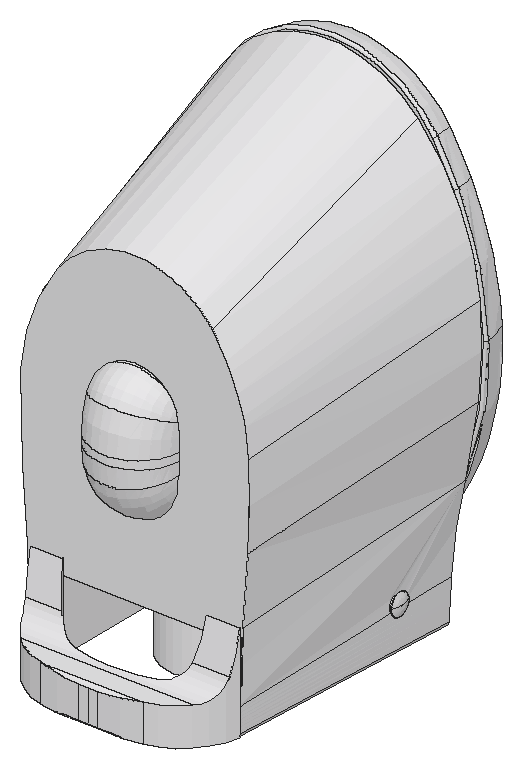
Revit family "Toilet-Wall_Mount-KOHLER-VIA-K-18609K_1", category Plumbing Fixtures, host Face, Revit 2017
Family settings
  Host = Face
  Round Connector Dimension = Use Diameter
  Part Type = Normal
  OmniClass Number = 23.31.19.00
  OmniClass Title = Toilets
  Cut with Voids When Loaded = No
  Shared = No
  Room Calculation Point = No
Parameters (values of type "0-White")
  Width = 14 51/128"  # constant formula
  WaterSense Certified = 1 = 0  # no
  Waste Water Outlet = "Waste Water Outlet"  # constant formula
  Waste Connection = 1 = 1  # yes
  Vent Connection = 1 = 0  # no
  URL = "https://www.kohlerasiapacific.com/"
  Type = 1
  Seat Included = 1 = 1  # yes
  Rough-In [instance] = Bowl Height - 7.09843"  # 8.64767"
  Product Page URL = "https://www.kohlerasiapacific.com/productDetails/18609K-BW?skuid=18609K-BW-0"
  Product Name = "VIA"  # constant formula
  Product Documentation Link = "http://resources.kohler.com/plumbing/kohlerapac/pdf/18609K-BW.pdf"
  Pressure = 0.00 psi
  Model = "K-18609K-BW-0"  # constant formula
  Material = "Vitreous China"  # constant formula
  Master Format 2014 Name = "Residential Water Closets"  # constant formula
  Master Format 2014 = "22 42 13.13"  # constant formula
  Manufacturer Address = "No. 158 Jiang Chang San Road, Zhabei District, Shanghai, China\r\n"  # constant formula
  Manufacturer = "KOHLER Co."  # constant formula
  Length = 22 31/32"  # constant formula
  Hot Water Inlet = "Hot Water Inlet"  # constant formula
  Height = 16 1/32"  # constant formula
  HW Connection = 1 = 0  # no
  Flush Rate- LPF = "0 LPF"
  Flush Rate- GPF = "0 GPF"
  Flow Rate = 0 GPM
  Finish = Kohler-Vitreous_China-0-White
  Environmental Product Declaration = ""
  Description = "Wall-hung Dual Flush 3/4.5L Toilet"  # constant formula
  Default Elevation = 0"
  Declare Label = ""
  Date Modified = "05/07/2021"  # constant formula
  Date Created = "05/07/2021"  # constant formula
  Copyright = "Copyright KOHLER Co."  # constant formula
  Contact Us = "https://www.kohlerasiapacific.com/contact-us"
  Cold Water Inlet = "Cold Water Inlet"  # constant formula
  CW Connection = 1 = 1  # yes
  Bowl Height [instance] = 15 191/256"
  Assembly Code = "D2010100"
  ADA Compliant = 1 = 0  # no
Reference planes
  plane 1 "Center (Front/Back)": y = 0
  plane 2: z = 0
  plane 3 "Center (Left/Right)": x = 0
  plane 4: x = 182.85
  plane 5: x = 70
  plane 6: y = -399.951
  plane 7: y = 47.2
  plane 8: x = -182.87
  plane 9: x = -70
  plane 10: z = 583.406
  plane 11: y = -337
  plane 12: y = -180.3
  plane 13: y = -76.017
  plane 14: y = -53.3
  plane 15: z = 58
  plane 16: z = 101.041
  plane 17: y = -359.994
Dimensions and locks
  "Width": plane 8 to plane 4
  "Length": level to plane 10
  "Rough-In": plane 6 to plane 12
  "Height": plane 7 to plane 17
  locked: plane 1 "Center (Front/Back)" to plane 17 at 359.994
  "Bowl Height": plane 1 "Center (Front/Back)" to plane 6
  locked: plane 1 "Center (Front/Back)" to plane 14 at 53.3
  aligned and locked: plane 2 to host face
  aligned and locked: level to host face
  aligned and locked: plane 1 "Center (Front/Back)" to nested 1
Automatic sketch dimensions
  host sketch curve to host sketch curve = 96"  (x2)
Nested families
  nested 1: "K-18609K" at (0, 0, 0), type "K-18609K"
Connectors
  piping at (0, -180.3, 0), diameter 82.848, driven by "Waste Connection", driven by "Waste Water Outlet"
    settings: on nested 1, index 1, connector inside diameter 24", connector length 0", flow factor 0, pipe flow 0 GPM, pressure drop 0.00 psi, fitting loss kfactor 0, connector angle 0.00°, fixture units 0, engagement length 0", angle of deflection 0.00°, flow configuration 0, flow direction 2, fitting loss method 0, system type 16, joint type 0, gender type 0, connector reference index -1, connector utility 1, adjustable connector no, is connector primary yes, connector description "Waste Water Outlet"
  piping at (0, -53.3, 0), diameter 12.7, driven by "CW Connection", driven by "Cold Water Inlet", driven by "Flow Rate"
    settings: on nested 1, index 2, connector inside diameter 24", connector length 0", flow factor 0, pipe flow 0 GPM, pressure drop 0.00 psi, fitting loss kfactor 0, connector angle 0.00°, fixture units 0, engagement length 0", angle of deflection 0.00°, flow configuration 0, flow direction 1, fitting loss method 0, system type 20, joint type 0, gender type 0, connector reference index -1, connector utility 1, adjustable connector no, is connector primary no, connector description "Cold Water Inlet"
Definition of nested family "K-18609K"
  Parameters (values of type "K-18609K")
    Material = none
    Finish = none
  Reference planes
    plane 1 "Center (Front/Back)": y = 0
    plane 2: z = 0
    plane 3 "Center (Left/Right)": x = 0
    plane 4: x = -182.9
    plane 5: x = 182.85
    plane 6: x = -70
    plane 7: x = 70
    plane 8: z = 583.4
    plane 9: y = -360
    plane 10: y = -404
    plane 11: z = 58
    plane 12: y = -53.3
    plane 13: y = -337
    plane 14: y = -180.3
    plane 15: y = -76.017
    plane 16: y = 47.2
    plane 17: z = 101.041
    plane 18: y = -288.75
  Forms (mm)
    Blend 1, solid, material <- "Material", detail levels medium+fine
      base sketch origin (0, -400.806, 0) x (1, 0, 0) y (0, 0, -1)
        loop
          arc (126.498, -5) -> (125.034, -1.464) -> (121.498, 0) r 5
          line (121.498, 0) -> (-121.498, 0)
          arc (-121.498, 0) -> (-125.034, -1.464) -> (-126.498, -5) r 5
          line (-126.498, -5) -> (-126.498, -34.994)
          arc (-126.498, -34.994) -> (-127.073, -77.382) -> (-128.795, -119.738) r 1564.448
          arc (-128.795, -119.738) -> (-131.488, -160.963) -> (-135.091, -202.118) r 1871.539
          arc (-135.091, -202.118) -> (-138.115, -252.932) -> (-137.18, -303.826) r 654.451
          arc (-137.18, -303.826) -> (-123.967, -368.859) -> (-92.919, -427.511) r 232.503
          arc (-92.919, -427.511) -> (0, -474.754) -> (92.919, -427.511) r 115
          arc (92.919, -427.511) -> (123.967, -368.859) -> (137.18, -303.826) r 232.503
          arc (137.18, -303.826) -> (138.115, -252.932) -> (135.091, -202.118) r 654.451
          arc (135.091, -202.118) -> (131.488, -160.963) -> (128.795, -119.738) r 1871.539
          arc (128.795, -119.738) -> (127.073, -77.382) -> (126.498, -34.994) r 1564.448
          line (126.498, -34.994) -> (126.498, -5)
      top sketch origin (0, -400.806, 0) x (1, 0, 0) y (0, 0, -1)
        loop
          arc (145.088, -4.651) -> (143.51, -1.343) -> (140.1, 0) r 5
          line (140.1, 0) -> (-140.1, 0)
          arc (-140.1, 0) -> (-143.51, -1.343) -> (-145.088, -4.651) r 5
          line (-145.088, -4.651) -> (-148.6, -54.878)
          arc (-148.6, -54.878) -> (-154.48, -109.57) -> (-164.416, -163.673) r 738.034
          arc (-164.416, -163.673) -> (-173.36, -208.341) -> (-180.395, -253.349) r 1069.966
          arc (-180.395, -253.349) -> (-184.603, -308.378) -> (-182.476, -363.527) r 480.725
          arc (-182.476, -363.527) -> (-158.86, -454.389) -> (-108.126, -533.383) r 297.759
          arc (-108.126, -533.383) -> (0, -581.772) -> (108.126, -533.383) r 145
          arc (108.126, -533.383) -> (158.86, -454.389) -> (182.476, -363.527) r 297.759
          arc (182.476, -363.527) -> (184.603, -308.378) -> (180.395, -253.349) r 480.725
          arc (180.395, -253.349) -> (173.36, -208.341) -> (164.416, -163.673) r 1069.966
          arc (164.416, -163.673) -> (154.48, -109.57) -> (148.6, -54.878) r 738.034
          line (148.6, -54.878) -> (145.088, -4.651)
      from 112.056 to 400.806
    Extrusion 2, solid, material <- "Material", detail levels medium+fine
      sketch origin (0, -418.043, 211.445) x (1, 0, 0) y (0, 0, -1)
        loop
          spline (121.383, -61.823) -> (122.637, -63.691) -> (125.21, -65.055) -> (128.927, -65.822) -> (133.535, -65.941) -> (138.72, -65.402) -> (144.128, -64.243) -> (149.392, -62.543) -> (154.151, -60.417) -> (158.083, -58.01) -> (160.918, -55.487) -> (162.464, -53.019) -> (162.616, -50.774)
          spline (162.616, -50.774) -> (161.363, -48.907) -> (158.79, -47.542) -> (155.072, -46.775) -> (150.464, -46.656) -> (145.279, -47.195) -> (139.871, -48.354) -> (134.608, -50.055) -> (129.848, -52.181) -> (125.916, -54.587) -> (123.081, -57.11) -> (121.535, -59.578) -> (121.383, -61.823)
        loop
          spline (82.896, -243.415) -> (82.376, -245.385) -> (83.046, -248.03) -> (84.86, -251.168) -> (87.694, -254.586) -> (91.355, -258.051) -> (95.594, -261.326) -> (100.122, -264.189) -> (104.63, -266.444) -> (108.811, -267.939) -> (112.38, -268.57) -> (115.094, -268.295) -> (116.768, -267.132)
          spline (116.768, -267.132) -> (117.288, -265.162) -> (116.618, -262.517) -> (114.804, -259.379) -> (111.97, -255.961) -> (108.309, -252.496) -> (104.07, -249.221) -> (99.543, -246.358) -> (95.035, -244.102) -> (90.853, -242.608) -> (87.284, -241.977) -> (84.57, -242.252) -> (82.896, -243.415)
        loop
          spline (-121.383, -61.823) -> (-121.535, -59.578) -> (-123.081, -57.11) -> (-125.916, -54.587) -> (-129.848, -52.181) -> (-134.608, -50.055) -> (-139.871, -48.354) -> (-145.279, -47.195) -> (-150.464, -46.656) -> (-155.072, -46.775) -> (-158.79, -47.542) -> (-161.363, -48.907) -> (-162.616, -50.774)
          spline (-162.616, -50.774) -> (-162.464, -53.019) -> (-160.918, -55.487) -> (-158.083, -58.01) -> (-154.151, -60.417) -> (-149.392, -62.543) -> (-144.128, -64.243) -> (-138.72, -65.402) -> (-133.535, -65.941) -> (-128.927, -65.822) -> (-125.21, -65.055) -> (-122.637, -63.691) -> (-121.383, -61.823)
        loop
          spline (-82.896, -243.415) -> (-84.57, -242.252) -> (-87.284, -241.977) -> (-90.853, -242.608) -> (-95.035, -244.102) -> (-99.543, -246.358) -> (-104.07, -249.221) -> (-108.309, -252.496) -> (-111.97, -255.961) -> (-114.804, -259.379) -> (-116.618, -262.517) -> (-117.288, -265.162) -> (-116.768, -267.132)
          spline (-116.768, -267.132) -> (-115.094, -268.295) -> (-112.38, -268.57) -> (-108.811, -267.939) -> (-104.63, -266.444) -> (-100.122, -264.189) -> (-95.594, -261.326) -> (-91.355, -258.051) -> (-87.694, -254.586) -> (-84.86, -251.168) -> (-83.046, -248.03) -> (-82.376, -245.385) -> (-82.896, -243.415)
      from 417.618 to 438.931
    Sweep 3, solid, material <- "Material", detail levels medium+fine
      path origin (0, -400.806, 0) x (1, 0, 0) y (0, 0, -1)
        loop
          arc (115.725, -79.009) -> (169.778, -192.618) -> (185.4, -317.456) r 395.344
          arc (185.4, -317.456) -> (174.937, -394.897) -> (149.446, -468.767) r 395.344
          arc (149.446, -468.767) -> (137.421, -492.653) -> (123.747, -515.636) r 380.625
          arc (123.747, -515.636) -> (0, -583.157) -> (-123.747, -515.636) r 147.158
          arc (-123.747, -515.636) -> (-137.421, -492.653) -> (-149.446, -468.767) r 380.625
          arc (-149.446, -468.767) -> (-174.937, -394.897) -> (-185.4, -317.456) r 395.344
          arc (-185.4, -317.456) -> (-169.695, -192.334) -> (-115.389, -78.523) r 395.344
      profile origin (137.421, -400.806, 492.653) x (0.87684, 0, 0.480783) y (0, 1, 0)
        loop
          arc (-0.227, 411.143) -> (-6.468, 437.568) -> (-20, 461.109) r 94.021
          line (-20, 461.109) -> (-20, 407.882) -> (-3.216, 407.882)
          arc (-3.216, 407.882) -> (-1.004, 408.855) -> (-0.227, 411.143) r 3
    Extrusion 4, void
      sketch origin (0, -400.806, 0) x (0, 0, -1) y (0, 1, 0)
        loop
          line (-85.867, 414.816) -> (-119.135, 403.943) -> (-119.135, 400.806) -> (-61.619, 400.806) -> (-61.619, 476.632) -> (-591.619, 476.632) -> (-591.619, 431.632)
          arc (-591.619, 431.632) -> (-589.367, 434.707) -> (-585.735, 435.864) r 6.151
          arc (-585.735, 435.864) -> (-343.359, 438.289) -> (-101.197, 448.772) r 7288.851
          arc (-101.197, 448.772) -> (-94.505, 447.242) -> (-89.692, 442.348) r 12.226
          arc (-89.692, 442.348) -> (-87.455, 437.045) -> (-86.24, 431.419) r 30.917
          line (-86.24, 431.419) -> (-84.502, 416.956)
          arc (-84.502, 416.956) -> (-84.802, 415.642) -> (-85.867, 414.816) r 2
      from -271.463 to 250
    Extrusion 5, solid, material <- "Material", detail levels medium+fine
      sketch origin (0, -400.806, 0) x (1, 0, 0) y (0, 0, -1)
        loop
          arc (131.278, -460.406) -> (155.479, -390.273) -> (165.412, -316.751) r 375.344
          arc (165.412, -316.751) -> (150.494, -197.932) -> (98.912, -89.859) r 375.344
          line (98.912, -89.859) -> (-98.912, -89.859)
          arc (-98.912, -89.859) -> (-150.494, -197.932) -> (-165.412, -316.751) r 375.344
          arc (-165.412, -316.751) -> (-155.479, -390.273) -> (-131.278, -460.406) r 375.344
          arc (-131.278, -460.406) -> (-110.923, -498.462) -> (-86.168, -533.814) r 360.625
          arc (-86.168, -533.814) -> (0, -575.439) -> (86.168, -533.814) r 110
          arc (86.168, -533.814) -> (110.923, -498.462) -> (131.278, -460.406) r 360.625
      from 407.882 to 461.109
    Extrusion 6, solid, material <- "Material", detail levels medium+fine
      sketch origin (0, -400.806, -53.75) x (0, 0, -1) y (0, 1, 0)
        loop
          arc (-140.91, 426.635) -> (-153.858, 437.597) -> (-165.802, 425.549) r 12.497
          line (-165.802, 425.549) -> (-166.666, 400.806) -> (-137.738, 400.806) -> (-140.91, 426.635)
      from -96.507 to 96.412
    Blend 7, void
      base sketch origin (0, -400.806, 0) x (1, 0, 0) y (0, 0, -1)
        loop
          arc (-31.099, -274.855) -> (-53.024, -286.535) -> (-70.936, -303.747) r 90.312
          arc (-70.936, -303.747) -> (-77.254, -316.24) -> (-78.233, -330.205) r 35.386
          arc (-78.233, -330.205) -> (-67.875, -379.487) -> (-49.982, -426.561) r 323.001
          arc (-49.982, -426.561) -> (-49.058, -428.485) -> (-48.111, -430.398) r 171.744
          arc (-48.111, -430.398) -> (0, -460.05) -> (48.111, -430.398) r 53.857
          arc (48.111, -430.398) -> (49.058, -428.485) -> (49.982, -426.561) r 171.744
          arc (49.982, -426.561) -> (67.875, -379.487) -> (78.233, -330.205) r 323.001
          arc (78.233, -330.205) -> (77.254, -316.24) -> (70.936, -303.747) r 35.386
          arc (70.936, -303.747) -> (53.024, -286.535) -> (31.099, -274.855) r 90.312
          arc (31.099, -274.855) -> (0, -269.331) -> (-31.099, -274.855) r 90.312
      top sketch origin (0, -400.806, 0) x (1, 0, 0) y (0, 0, -1)
        loop
          arc (-110.209, -272.802) -> (-125.454, -302.946) -> (-127.817, -336.644) r 85.386
          arc (-127.817, -336.644) -> (-115.855, -393.555) -> (-95.193, -447.915) r 373.001
          arc (-95.193, -447.915) -> (-71.943, -486.447) -> (-41.392, -519.49) r 221.744
          arc (-41.392, -519.49) -> (0, -535.139) -> (41.392, -519.49) r 62.565
          arc (41.392, -519.49) -> (71.943, -486.447) -> (95.193, -447.915) r 221.744
          arc (95.193, -447.915) -> (115.855, -393.555) -> (127.817, -336.644) r 373.001
          arc (127.817, -336.644) -> (125.454, -302.946) -> (110.209, -272.802) r 85.386
          arc (110.209, -272.802) -> (82.379, -246.06) -> (48.317, -227.913) r 140.312
          arc (48.317, -227.913) -> (0, -219.331) -> (-48.317, -227.913) r 140.312
          arc (-48.317, -227.913) -> (-82.379, -246.06) -> (-110.209, -272.802) r 140.312
      from 245.251 to 400.806
    Sweep 8, void
      path origin (0, -400.806, 0) x (1, 0, 0) y (0, 0, -1)
        loop
          arc (-110.209, -272.802) -> (-125.454, -302.946) -> (-127.817, -336.644) r 85.386
          arc (-127.817, -336.644) -> (-115.855, -393.555) -> (-95.193, -447.915) r 373.001
          arc (-95.193, -447.915) -> (-71.943, -486.447) -> (-41.392, -519.49) r 221.744
          arc (-41.392, -519.49) -> (0, -535.139) -> (41.392, -519.49) r 62.565
          arc (41.392, -519.49) -> (71.943, -486.447) -> (95.193, -447.915) r 221.744
          arc (95.193, -447.915) -> (115.855, -393.555) -> (127.817, -336.644) r 373.001
          arc (127.817, -336.644) -> (125.454, -302.946) -> (110.209, -272.802) r 85.386
          arc (110.209, -272.802) -> (82.379, -246.06) -> (48.317, -227.913) r 140.312
          arc (48.317, -227.913) -> (0, -219.331) -> (-48.317, -227.913) r 140.312
          arc (-48.317, -227.913) -> (-82.379, -246.06) -> (-110.209, -272.802) r 140.312
      profile origin (0, -400.806, 535.139) x (0, 0, 1) y (0, 1, 0)
        loop
          line (22.767, 400.806) -> (22.767, 413.909) -> (-25.41, 413.909) -> (-25.41, 373.909) -> (-14.368, 373.909) -> (-9.54, 383.809)
          arc (-9.54, 383.809) -> (1.624, 396.207) -> (17.661, 400.806) r 30.264
          line (17.661, 400.806) -> (22.767, 400.806)
    Extrusion 9, void
      sketch origin (0, -383.306, 0) x (1, 0, 0) y (0, 1, 0)
        loop
          line (-0.034, 23.8) -> (-12.034, 23.8)
          arc (-12.034, 23.8) -> (-36.859, 25.165) -> (-61.386, 29.244) r 226.436
          arc (-61.386, 29.244) -> (-107.789, 57.558) -> (-127.275, 108.306) r 84.331
          line (-127.275, 108.306) -> (-156.028, 108.306) -> (-156.028, 18.306) -> (148.972, 18.306) -> (148.972, 108.306) -> (127.205, 108.306)
          arc (127.205, 108.306) -> (107.766, 57.56) -> (61.386, 29.244) r 84.238
          arc (61.386, 29.244) -> (36.859, 25.165) -> (12.034, 23.8) r 226.436
          line (12.034, 23.8) -> (-0.034, 23.8)
        loop
          arc (48.321, 65.354) -> (76.089, 80.587) -> (91.411, 108.306) r 56.898
          line (91.411, 108.306) -> (-91.411, 108.306)
          arc (-91.411, 108.306) -> (-76.089, 80.587) -> (-48.321, 65.354) r 56.898
          arc (-48.321, 65.354) -> (-27.803, 61.942) -> (-7.034, 60.8) r 189.436
          line (-7.034, 60.8) -> (7.034, 60.8)
          arc (7.034, 60.8) -> (27.803, 61.942) -> (48.321, 65.354) r 189.436
      from 0 to 139.626
    Sweep 10, solid, material <- "Material", detail levels medium+fine
      path origin (0, -389.556, 0) x (0, 0, -1) y (0, 1, 0)
        loop
          arc (-190.823, 114.806) -> (-210.08, 76.166) -> (-247.874, 55.297) r 72.584
          arc (-247.874, 55.297) -> (-259.727, 53.482) -> (-271.703, 52.875) r 118.456
          line (-271.703, 52.875) -> (-281.703, 52.875)
          arc (-281.703, 52.875) -> (-305.599, 55.113) -> (-328.663, 61.75) r 128.673
          arc (-328.663, 61.75) -> (-348.201, 75.764) -> (-358.688, 97.4) r 48.856
          arc (-358.688, 97.4) -> (-361.087, 112.748) -> (-362.014, 128.254) r 163.03
      profile origin (0, -336.681, 276.703) x (0, -1, 0) y (1, 0, 0)
        loop
          arc (-47.931, -52.649) -> (0, 0.045) -> (-47.931, 52.739) r 52.931
          line (-47.931, 52.739) -> (-47.931, -52.649)
    Sweep 11, solid, material <- "Material", detail levels medium+fine
      path origin (0, -393.306, 0) x (1, 0, 0) y (0, 0, -1)
        loop
          line (-145.088, -4.651) -> (145.088, -4.651)
      profile origin (0, -393.306, 4.651) x (0, 0, -1) y (0, 1, 0)
        loop
          arc (-40.128, 39.007) -> (-38.266, 34.958) -> (-34.127, 33.306) r 6.009
          line (-34.127, 33.306) -> (-0.349, 33.306)
          arc (-0.349, 33.306) -> (3.187, 34.77) -> (4.651, 38.306) r 5
          line (4.651, 38.306) -> (4.651, 104.738) -> (-115.049, 104.738)
          arc (-115.049, 104.738) -> (-89.994, 99.758) -> (-65.294, 93.242) r 413.684
          arc (-65.294, 93.242) -> (-48.485, 81.828) -> (-41.349, 62.806) r 33.543
          line (-41.349, 62.806) -> (-40.128, 39.007)
    Extrusion 12, void
      sketch origin (0, -400.806, 0) x (1, 0, 0) y (0, 1, 0)
        loop
          line (58.417, 314.575) -> (56.502, 337.249)
          arc (56.502, 337.249) -> (0, 389.179) -> (-56.502, 337.249) r 56.703
          line (-56.502, 337.249) -> (-58.417, 314.575)
          arc (-58.417, 314.575) -> (-65.209, 299.454) -> (-79.968, 291.906) r 25
          arc (-79.968, 291.906) -> (-94.475, 284.173) -> (-100.44, 268.854) r 23.656
          line (-100.44, 268.854) -> (-102.855, 122.364)
          arc (-102.855, 122.364) -> (-99.532, 111.539) -> (-90.479, 104.738) r 18.313
          arc (-90.479, 104.738) -> (-74.762, 79.306) -> (-48.321, 65.354) r 56.898
          arc (-48.321, 65.354) -> (-27.803, 61.942) -> (-7.034, 60.8) r 189.436
          line (-7.034, 60.8) -> (7.034, 60.8)
          arc (7.034, 60.8) -> (27.803, 61.942) -> (48.321, 65.354) r 189.436
          arc (48.321, 65.354) -> (74.762, 79.306) -> (90.479, 104.737) r 56.898
          arc (90.479, 104.737) -> (99.532, 111.539) -> (102.855, 122.364) r 18.313
          line (102.855, 122.364) -> (100.44, 268.854)
          arc (100.44, 268.854) -> (94.475, 284.173) -> (79.968, 291.906) r 23.656
          arc (79.968, 291.906) -> (65.209, 299.454) -> (58.417, 314.575) r 25
      from -62.096 to 101
    Extrusion 13, void
      sketch origin (0, -400.806, 0) x (1, 0, 0) y (0, 1, 0)
        loop
          circle (90, 324.789) r 20
        loop
          circle (-90, 324.789) r 20
      from -50.214 to 79.638
    Extrusion 14, solid, material <- "Material", detail levels medium+fine
      sketch origin (0, -400.806, 0) x (1, 0, 0) y (0, 1, 0)
        loop
          circle (0, 347.506) r 32.516
        loop
          circle (0, 347.506) r 30
        loop
          circle (0, 220.506) r 50
        loop
          circle (0, 220.506) r 40
      from 0 to 133.47
    Revolve 15, solid, material <- "Material", detail levels medium+fine
      sketch origin (0, 189.44, 58) x (0, 1, 0) y (-1, 0, 0)
        loop
          arc (-252.212, 147.564) -> (-258.562, 149.605) -> (-265.195, 150.294) r 32.238
          line (-265.195, 150.294) -> (-265.195, 134.818) -> (-254.757, 134.818) -> (-254.757, 145.397)
          arc (-254.757, 145.397) -> (-254.605, 145.85) -> (-254.21, 146.12) r 0.752
          arc (-254.21, 146.12) -> (-253.199, 146.445) -> (-252.212, 146.839) r 15.374
          arc (-252.212, 146.839) -> (-251.975, 147.201) -> (-252.212, 147.564) r 0.397
        axis (-265.195, 134.818) -> (-265.195, 150.294)
      angle from 0 to 360
    Revolve 16, solid, material <- "Material", detail levels medium+fine
      sketch origin (0, 189.44, 58) x (0, 1, 0) y (-1, 0, 0)
        loop
          arc (-252.212, -147.564) -> (-251.975, -147.201) -> (-252.212, -146.839) r 0.397
          arc (-252.212, -146.839) -> (-253.199, -146.445) -> (-254.21, -146.12) r 15.374
          arc (-254.21, -146.12) -> (-254.605, -145.85) -> (-254.757, -145.397) r 0.752
          line (-254.757, -145.397) -> (-254.757, -134.818) -> (-265.195, -134.818) -> (-265.195, -150.294)
          arc (-265.195, -150.294) -> (-258.562, -149.605) -> (-252.212, -147.564) r 32.238
        axis (-265.195, -134.818) -> (-265.195, -150.294)
      angle from 0 to 360
    Blend 17, solid, material <- "Material", detail levels coarse
      base sketch origin (0, 0, 0) x (1, 0, 0) y (0, 0, 1)
        loop
          arc (170.4, 0) -> (181.007, 4.393) -> (185.4, 15) r 15
          line (185.4, 15) -> (185.4, 568.4)
          arc (185.4, 568.4) -> (181.007, 579.007) -> (170.4, 583.4) r 15
          line (170.4, 583.4) -> (-170.4, 583.4)
          arc (-170.4, 583.4) -> (-181.007, 579.007) -> (-185.4, 568.4) r 15
          line (-185.4, 568.4) -> (-185.4, 15)
          arc (-185.4, 15) -> (-181.007, 4.393) -> (-170.4, 0) r 15
          line (-170.4, 0) -> (170.4, 0)
      top sketch origin (0, 0, 0) x (1, 0, 0) y (0, 0, 1)
        loop
          arc (120.4, 0) -> (131.007, 4.393) -> (135.4, 15) r 15
          line (135.4, 15) -> (135.4, 527)
          arc (135.4, 527) -> (131.007, 537.607) -> (120.4, 542) r 15
          line (120.4, 542) -> (-120.4, 542)
          arc (-120.4, 542) -> (-131.007, 537.607) -> (-135.4, 527) r 15
          line (-135.4, 527) -> (-135.4, 15)
          arc (-135.4, 15) -> (-131.007, 4.393) -> (-120.4, 0) r 15
          line (-120.4, 0) -> (120.4, 0)
      from 0 to 292.5
    Extrusion 18, solid, material <- "Material", detail levels coarse
      sketch origin (0, 0, 0) x (1, 0, 0) y (0, 0, 1)
        loop
          arc (165.4, 84.49) -> (179.542, 90.348) -> (185.4, 104.49) r 20
          line (185.4, 104.49) -> (185.4, 563.4)
          arc (185.4, 563.4) -> (179.542, 577.542) -> (165.4, 583.4) r 20
          line (165.4, 583.4) -> (-165.4, 583.4)
          arc (-165.4, 583.4) -> (-179.542, 577.542) -> (-185.4, 563.4) r 20
          line (-185.4, 563.4) -> (-185.4, 104.49)
          arc (-185.4, 104.49) -> (-179.542, 90.348) -> (-165.4, 84.49) r 20
          line (-165.4, 84.49) -> (165.4, 84.49)
      from -48.075 to 0
    Extrusion 19, solid, material <- "Material", detail levels coarse
      sketch origin (0, 0, 0) x (1, 0, 0) y (0, 1, 0)
        loop
          line (127.748, -292.5) -> (-127.252, -292.5) -> (-127.252, -359.506) -> (127.748, -359.506) -> (127.748, -292.5)
      from 0 to 48.443
    Sweep 20, solid, material <- "Material", detail levels coarse
      path origin (0, 7.5, 0) x (0, 1, 0) y (0, 0, 1)
        loop
          arc (-282.569, 194.386) -> (-314.245, 202.787) -> (-337.409, 225.97) r 62.964
          arc (-337.409, 225.97) -> (-345.322, 245.152) -> (-348.021, 265.726) r 79.772
          line (-348.021, 265.726) -> (-348.021, 285.726)
          arc (-348.021, 285.726) -> (-343.227, 315.758) -> (-329.32, 342.805) r 96.46
          arc (-329.32, 342.805) -> (-309.123, 358.726) -> (-283.615, 361.996) r 48.204
      profile origin (0, -340.521, 275.726) x (0, -1, 0) y (1, 0, 0)
        loop
          arc (-48.021, -47.317) -> (-0.092, 0.613) -> (-48.021, 48.542) r 47.93
          line (-48.021, 48.542) -> (-48.021, -47.317)
    Extrusion 21, void
      sketch origin (0, 0, 0) x (1, 0, 0) y (0, 1, 0)
        loop
          line (96.412, 39.857) -> (-96.507, 39.857) -> (-96.507, 1.455) -> (96.412, 1.455) -> (96.412, 39.857)
      from 0 to 128.929
  Cuts and joins
    Extrusion 4 cuts Sweep 3
    Extrusion 4, Extrusion 21 cuts Extrusion 5
    joined: Sweep 3, Extrusion 5
    Blend 7, Sweep 8, Extrusion 12, Extrusion 13 cuts Blend 1
    joined: Blend 1, Sweep 10, Extrusion 14, Revolve 15, Revolve 16
    Extrusion 9 cuts Sweep 11
    joined: Blend 17, Extrusion 18, Sweep 20
  Lines and regions (mm)
    Masking region 1
      outline origin (0, 0, 0) x (0, 1, 0) y (0, 0, 1)
        loop
          arc (-360, 4.971) -> (-358.535, 1.435) -> (-355, -0.029) r 5
          line (-355, -0.029) -> (-5, -0.001)
          arc (-5, -0.001) -> (-1.465, 1.463) -> (0, 4.999) r 5
          line (0, 4.999) -> (-0.007, 83.987) -> (14.054, 85.714) -> (15.004, 82.806) -> (34.148, 85.108)
          arc (34.148, 85.108) -> (39.482, 86.225) -> (44.543, 88.246) r 31.435
          arc (44.543, 88.246) -> (46.61, 90.188) -> (47.288, 92.94) r 5
          arc (47.288, 92.94) -> (39.402, 332.301) -> (37.711, 571.786) r 9256.19
          arc (37.711, 571.786) -> (36.416, 575.883) -> (32.971, 578.452) r 7
          arc (32.971, 578.452) -> (21.448, 581.428) -> (9.607, 582.624) r 78.326
          arc (9.607, 582.624) -> (7.8, 581.914) -> (7.046, 580.125) r 2.5
          line (7.046, 580.125) -> (7.046, 480.033) -> (0, 480.032) -> (0, 577.37)
          arc (0, 577.37) -> (-1.77, 581.187) -> (-5.828, 582.301) r 5
          arc (-5.828, 582.301) -> (-151.227, 543.029) -> (-286.258, 476.321) r 773.369
          arc (-286.258, 476.321) -> (-288.111, 474.276) -> (-288.782, 471.598) r 5.679
          line (-288.782, 471.598) -> (-288.773, 361.527)
          arc (-288.773, 361.527) -> (-296.629, 358.611) -> (-304.027, 354.678) r 62.938
          arc (-304.027, 354.678) -> (-321.909, 337.993) -> (-332.081, 315.752) r 62.938
          arc (-332.081, 315.752) -> (-335.596, 295.876) -> (-336.772, 275.726) r 172.994
          line (-336.772, 275.726) -> (-336.771, 265.726)
          arc (-336.771, 265.726) -> (-334.331, 245.083) -> (-326.159, 225.97) r 72.83
          arc (-326.159, 225.97) -> (-310.12, 207.956) -> (-288.76, 196.755) r 67.287
          line (-288.76, 196.755) -> (-288.754, 119.976)
          arc (-288.754, 119.976) -> (-290.213, 93.14) -> (-297.291, 67.214) r 126.874
          arc (-297.291, 67.214) -> (-308.888, 52.251) -> (-326.748, 45.973) r 33.471
          line (-326.748, 45.973) -> (-354.308, 44.558)
          arc (-354.308, 44.558) -> (-358.35, 42.698) -> (-360, 38.566) r 6
          line (-360, 38.566) -> (-360, 4.971)
        loop
          line (7.069, 166.463) -> (7.061, 258.068) -> (-0.015, 258.067) -> (-0.007, 166.71) -> (7.069, 166.463)
        loop
          line (7.06, 278.068) -> (7.046, 453.23) -> (-0.03, 453.23) -> (-0.016, 278.067) -> (7.06, 278.068)
    Masking region 2
      outline origin (0, 0, 0) x (1, 0, 0) y (0, 1, 0)
        loop
          arc (-126.083, -286.244) -> (-104.024, -329.969) -> (-61.386, -354.062) r 84.331
          arc (-61.386, -354.062) -> (0, -360) -> (61.386, -354.062) r 320.275
          arc (61.386, -354.062) -> (104.024, -329.969) -> (126.083, -286.244) r 84.331
          line (126.083, -286.244) -> (134.71, -286.244)
          arc (134.71, -286.244) -> (137.665, -285.277) -> (139.477, -282.75) r 5
          arc (139.477, -282.75) -> (171.574, -146.023) -> (182.78, -6.027) r 932.831
          arc (182.78, -6.027) -> (181.032, -1.767) -> (176.78, 0) r 6
          line (176.78, 0) -> (162.933, 0) -> (162.933, 7.102) -> (176.439, 7.102)
          arc (176.439, 7.102) -> (178.809, 8.144) -> (179.643, 10.595) r 3.215
          arc (179.643, 10.595) -> (177.317, 24.427) -> (172.81, 37.71) r 87.46
          spline (172.81, 37.71) -> (172.771, 37.861) -> (172.64, 38.017) -> (172.418, 38.176) -> (172.106, 38.339) -> (171.702, 38.505) -> (171.207, 38.675) -> (170.622, 38.848) -> (169.946, 39.026) -> (169.18, 39.206) -> (168.323, 39.39) -> (167.377, 39.577) -> (166.341, 39.768)
          spline (166.341, 39.768) -> (163.929, 40.181) -> (161.142, 40.602) -> (157.984, 41.032) -> (154.457, 41.468) -> (150.566, 41.91) -> (146.316, 42.359) -> (141.712, 42.813) -> (136.76, 43.272) -> (131.467, 43.736) -> (125.837, 44.203) -> (119.879, 44.673) -> (113.6, 45.146)
          arc (113.6, 45.146) -> (56.863, 46.846) -> (0.101, 47.127) r 2271.581
          arc (0.101, 47.127) -> (-56.661, 46.846) -> (-113.399, 45.146) r 2271.581
          spline (-113.399, 45.146) -> (-119.678, 44.673) -> (-125.636, 44.203) -> (-131.265, 43.736) -> (-136.559, 43.272) -> (-141.511, 42.813) -> (-146.114, 42.359) -> (-150.364, 41.91) -> (-154.255, 41.468) -> (-157.782, 41.032) -> (-160.941, 40.602) -> (-163.728, 40.181) -> (-166.139, 39.768)
          spline (-166.139, 39.768) -> (-167.175, 39.577) -> (-168.122, 39.39) -> (-168.978, 39.206) -> (-169.744, 39.026) -> (-170.42, 38.848) -> (-171.006, 38.675) -> (-171.5, 38.505) -> (-171.904, 38.339) -> (-172.217, 38.176) -> (-172.438, 38.017) -> (-172.569, 37.861) -> (-172.608, 37.71)
          arc (-172.608, 37.71) -> (-177.115, 24.427) -> (-179.441, 10.595) r 87.46
          arc (-179.441, 10.595) -> (-178.607, 8.144) -> (-176.238, 7.102) r 3.215
          line (-176.238, 7.102) -> (-162.62, 7.102) -> (-162.62, 0) -> (-176.78, 0)
          arc (-176.78, 0) -> (-181.032, -1.767) -> (-182.78, -6.027) r 6
          arc (-182.78, -6.027) -> (-171.523, -146.042) -> (-139.278, -282.757) r 928.674
          arc (-139.278, -282.757) -> (-137.465, -285.279) -> (-134.512, -286.244) r 5
          line (-134.512, -286.244) -> (-126.083, -286.244)
        loop
          line (-121.105, 7.082) -> (-121.105, 0.089) -> (-117.261, 0.089) -> (-117.261, 7.082) -> (-121.105, 7.082)
        loop
          line (121.307, 7.082) -> (117.462, 7.082) -> (117.462, 0.089) -> (121.307, 0.089) -> (121.307, 7.082)
        loop
          line (-52.966, -286.25) -> (-87.589, -286.25)
          arc (-87.589, -286.25) -> (-71.662, -306.693) -> (-48.321, -317.952) r 56.898
          arc (-48.321, -317.952) -> (-44.413, -318.781) -> (-40.487, -319.529) r 189.436
          arc (-40.487, -319.529) -> (-49.143, -303.795) -> (-52.966, -286.25) r 62.482
        loop
          arc (52.966, -286.25) -> (49.143, -303.795) -> (40.487, -319.529) r 62.482
          arc (40.487, -319.529) -> (44.413, -318.781) -> (48.321, -317.952) r 189.436
          arc (48.321, -317.952) -> (71.662, -306.693) -> (87.589, -286.25) r 56.898
          line (87.589, -286.25) -> (52.966, -286.25)
    Masking region 3
      outline origin (0, 0, 0) x (1, 0, 0) y (0, 0, 1)
        loop
          line (144.377, 4.651) -> (147.386, 47.675)
          arc (147.386, 47.675) -> (149.633, 56.366) -> (148.692, 65.294) r 25.2
          arc (148.692, 65.294) -> (154.538, 114.737) -> (163.705, 163.673) r 738.034
          arc (163.705, 163.673) -> (176.155, 240.089) -> (182.85, 317.222) r 1033.787
          arc (182.85, 317.222) -> (183.148, 340.394) -> (181.765, 363.527) r 319.461
          arc (181.765, 363.527) -> (156.434, 458.232) -> (101.72, 539.578) r 297.759
          arc (101.72, 539.578) -> (0, 583.386) -> (-101.72, 539.578) r 140
          arc (-101.72, 539.578) -> (-156.434, 458.232) -> (-181.765, 363.527) r 297.759
          arc (-181.765, 363.527) -> (-183.148, 340.394) -> (-182.85, 317.222) r 319.461
          arc (-182.85, 317.222) -> (-176.155, 240.089) -> (-163.705, 163.673) r 1033.787
          arc (-163.705, 163.673) -> (-155.195, 113.299) -> (-149.883, 62.487) r 808.599
          arc (-149.883, 62.487) -> (-150.484, 55.488) -> (-148.876, 48.649) r 22.276
          line (-148.876, 48.649) -> (-145.799, 4.651)
          arc (-145.799, 4.651) -> (-144.221, 1.343) -> (-140.811, 0) r 5
          line (-140.811, 0) -> (139.389, 0)
          arc (139.389, 0) -> (142.799, 1.343) -> (144.377, 4.651) r 5
    symbolic lines, detail levels medium+fine
      curve 1: line (-162.731, 7.102, 0) -> (-119.973, 7.102, 0)
      curve 2: line (-117.261, 7.082, 0) -> (117.462, 7.082, 0)
      curve 3: line (121.307, 7.082, 0) -> (163.717, 7.082, 0)
      curve 4: line (-162.731, 0, 0) -> (164.416, 0, 0)
      curve 5: spline (-144.312, 35.25, 0) -> (-150.769, 35.404, 0) -> (-156.42, 35.601, 0) -> (-161.25, 35.841, 0) -> (-165.246, 36.121, 0) -> (-168.396, 36.442, 0) -> (-170.692, 36.804, 0) -> (-172.127, 37.203, 0) -> (-172.698, 37.641, 0) -> (-172.404, 38.115, 0) -> (-171.244, 38.625, 0) -> (-169.222, 39.168, 0) -> (-166.344, 39.743, 0)
      curve 6: spline (-102.67, 34.894, 0) -> (-106.72, 34.895, 0) -> (-110.668, 34.901, 0) -> (-114.513, 34.912, 0) -> (-118.255, 34.929, 0) -> (-121.893, 34.951, 0) -> (-125.423, 34.978, 0) -> (-128.847, 35.011, 0) -> (-132.161, 35.048, 0) -> (-135.366, 35.091, 0) -> (-138.461, 35.139, 0) -> (-141.443, 35.192, 0) -> (-144.312, 35.25, 0)
      curve 7: spline (-30.848, 35.058, 0) -> (-38.024, 35.035, 0) -> (-45.063, 35.013, 0) -> (-51.94, 34.993, 0) -> (-58.629, 34.975, 0) -> (-65.107, 34.958, 0) -> (-71.349, 34.943, 0) -> (-77.334, 34.93, 0) -> (-83.039, 34.92, 0) -> (-88.444, 34.911, 0) -> (-93.53, 34.904, 0) -> (-98.278, 34.899, 0) -> (-102.67, 34.897, 0)
      curve 8: line (-30.848, 35.058, 0) -> (0, 35.058, 0)
      curve 9: spline (144.312, 35.25, 0) -> (150.769, 35.404, 0) -> (156.42, 35.601, 0) -> (161.25, 35.841, 0) -> (165.246, 36.121, 0) -> (168.396, 36.442, 0) -> (170.692, 36.804, 0) -> (172.127, 37.203, 0) -> (172.698, 37.641, 0) -> (172.404, 38.115, 0) -> (171.244, 38.625, 0) -> (169.222, 39.168, 0) -> (166.344, 39.743, 0)
      curve 10: spline (102.67, 34.894, 0) -> (106.72, 34.895, 0) -> (110.668, 34.901, 0) -> (114.513, 34.912, 0) -> (118.255, 34.929, 0) -> (121.893, 34.951, 0) -> (125.423, 34.978, 0) -> (128.847, 35.011, 0) -> (132.161, 35.048, 0) -> (135.366, 35.091, 0) -> (138.461, 35.139, 0) -> (141.443, 35.192, 0) -> (144.312, 35.25, 0)
      curve 11: spline (30.848, 35.058, 0) -> (38.024, 35.035, 0) -> (45.063, 35.013, 0) -> (51.94, 34.993, 0) -> (58.629, 34.975, 0) -> (65.107, 34.958, 0) -> (71.349, 34.943, 0) -> (77.334, 34.93, 0) -> (83.039, 34.92, 0) -> (88.444, 34.911, 0) -> (93.53, 34.904, 0) -> (98.278, 34.899, 0) -> (102.67, 34.897, 0)
      curve 12: line (30.848, 35.058, 0) -> (0, 35.058, 0)
      curve 13: line (-116.033, 0, 101) -> (115.743, 0, 101)
      curve 14: line (0, 7.046, 480.033) -> (0, 7.046, 453.23)
      curve 15: line (0, 0, 480.032) -> (0, -0.03, 453.23)
      curve 16: line (0, 7.06, 278.068) -> (0, 7.061, 258.068)
      curve 17: line (0, -0.016, 278.067) -> (0, -0.015, 258.067)
      curve 18: line (0, 0, 166.71) -> (0, 0, 83.988)
      curve 19: line (0, -336.771, 265.726) -> (0, -288.765, 265.726)
      curve 20: line (0, -336.375, 287.446) -> (0, -288.767, 287.446)
      curve 21: line (0, -288.753, 106.979) -> (0, -288.744, -0.024)
      curve 22: circle (0, -76.017, 58) r 13.411 normal (1, 0, 0)
      curve 23: line (-149.883, 0, 62.487) -> (-148.741, 0, 48.274)
      curve 24: line (148.692, 0, 65.294) -> (147.292, 0, 47.456)
      curve 26: line (99.262, 0, 90.366) -> (-99.262, 0, 90.366)
      curve 27: line (118.344, 0, 84.502) -> (107.762, 0, 84.502)
      curve 28: line (107.762, 0, 84.502) -> (99.262, 0, 90.366)
      curve 29: arc (175.308, -58, 357.061) -> (173.252, -58, 276.977) -> (162.787, -58, 197.552) r 760.804
      curve 30: arc (162.787, -58, 197.552) -> (145.952, -58, 146.241) -> (116.191, -58, 101.18) r 203.095
      curve 31: arc (144.59, -58, 465.235) -> (166.736, -58, 413.076) -> (175.308, -58, 357.061) r 227.556
      curve 33: arc (-175.308, -58, 357.061) -> (-173.252, -58, 276.977) -> (-162.787, -58, 197.552) r 760.804
      curve 34: arc (-162.787, -58, 197.552) -> (-145.9, -58, 146.133) -> (-116.033, -58, 101) r 203.095
      curve 35: arc (-144.59, -58, 465.235) -> (-166.736, -58, 413.076) -> (-175.308, -58, 357.061) r 227.556
      curve 36: arc (-144.59, 0, 465.235) -> (-92.973, 0, 535.448) -> (-17.294, 0, 578.655) r 209.952
      curve 37: arc (144.59, 0, 465.235) -> (92.973, 0, 535.448) -> (17.294, 0, 578.655) r 209.952
      curve 38: arc (17.294, -58, 578.655) -> (0, -58, 580.75) -> (-17.294, -58, 578.655) r 72.421
      curve 39: line (-118.344, 0, 84.502) -> (-107.762, 0, 84.502)
      curve 40: line (-107.762, 0, 84.502) -> (-99.262, 0, 90.366)
      curve 41: line (-96.507, 0, 83.988) -> (96.412, 0, 83.988)
      curve 42: line (96.412, 0, 83.988) -> (96.412, 0, 90.366)
      curve 43: line (-96.507, 0, 83.988) -> (-96.507, 0, 90.366)
      curve 44: line (0, 7.076, 107.082) -> (0, 14.011, 85.867)
      curve 45: line (0, 7.076, 112.669) -> (0, 7.076, 107.082)
      curve 46: line (0, 7.076, 112.669) -> (0, 0, 112.916)
      curve 47: line (0, 7.069, 166.463) -> (0, 7.076, 112.669)
      curve 48: arc (-40.487, -319.529, 0) -> (0, -337, 0) -> (40.487, -319.529, 0) r 55.647
      curve 49: line (-87.589, -286.25, 0) -> (-126.083, -286.244, 0)
      curve 50: line (-52.966, -286.25, 0) -> (52.966, -286.25, 0)
      curve 51: line (126.083, -286.244, 0) -> (87.589, -286.25, 0)
      curve 53: line (0, -288.76, 196.755) -> (0, -288.773, 361.527)
    symbolic lines
      curve 25: arc (118.344, 0, 84.502) -> (147.418, 0, 133.351) -> (168.012, 0, 186.336) r 342.506
      curve 32: arc (-118.344, 0, 84.502) -> (-147.418, 0, 133.351) -> (-168.012, 0, 186.336) r 342.506
    symbolic lines, detail levels coarse
      curve 52: line (118.344, -58, 84.502) -> (-118.344, -58, 84.502)
  Dimensions and locks
    plane 4 to plane 5 = 14.39961"
    plane 5 to plane 4 = 14.39961"
    plane 7 to plane 6 = 5.51181"
    plane 8 to level = 22.9685"  (x2)
    plane 1 "Center (Front/Back)" to plane 9 = 14.17323"
    plane 1 "Center (Front/Back)" to plane 13 = 13.26772"
    plane 1 "Center (Front/Back)" to plane 10 = 15.90551"
    plane 14 to plane 10 = 8.80709"  (x2)
    plane 15 to plane 1 "Center (Front/Back)" = 2.99279"
    plane 10 to plane 12 = 13.80709"
    plane 9 to plane 16 = 16.0315"
    plane 12 to plane 14 = 5"
    plane 1 "Center (Front/Back)" to plane 15 = 2.99279"
    aligned and locked: plane 2 to level
